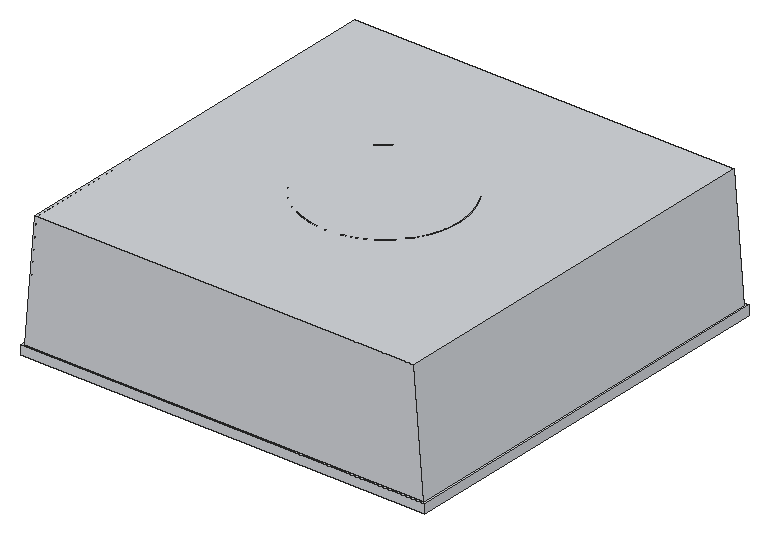
Revit family "MADEL_DIFFUSER_FIXED CONES_DCN-MOD+(BOXSTAR - BOXTARS) – (1.D1)_0", category Air Terminals, Revit 2015
Parameters (values of type "DCN-MOD/675-400+BOXSTAR/S")
  n_factor [instance] = 21.183
  m_factor = 2.2493  # constant formula
  c_factor [instance] = 10.261
  b_factor = -5.9678
  T24 [instance] = no
  T15 [instance] = no
  Standard = "UNE 23-727 M2/ NFP 92-501 M2/ DIN 4102 M2"  # constant formula
  Revit Version = "Revit 2015 - English"  # constant formula
  Review Date = "11/2016"  # constant formula
  R9010 [instance] = no
  R3E [instance] = no
  R [instance] = yes
  Q [instance] = 844.2 m³/h
  Product Type [instance] = Model  # "DCN-MOD/675-400+BOXSTAR/S"
  Product Size = "dim.400"
  Product Reference [instance] = if(BOXSTAR, if(AIS, if(Nº Options = 3, if(E = 595.0 mm, if(R3E, "DCN-MOD/600+R3E+BOXSTAR-AIS", if(R, "DCN-MOD/600+BOXSTAR-AIS-R", if(T15, "DCN-MOD/600/T15+BOXSTAR-AIS", if(T24, "DCN-MOD/600/T24+BOXSTAR-AIS", "Consult Manufacturer")))), if(E = 620.0 mm, if(R3E, "DCN-MOD/625+R3E+BOXSTAR-AIS", if(R, "DCN-MOD/625+BOXSTAR-AIS-R", if(T15, "DCN-MOD/625/T15+BOXSTAR-AIS", if(T24, "DCN-MOD/625/T24+BOXSTAR-AIS", "Consult Manufacturer")))), if(E = 670.0 mm, if(R3E, "DCN-MOD/675+R3E+BOXSTAR-AIS", if(R, "DCN-MOD/675+BOXSTAR-AIS-R", if(T15, "DCN-MOD/675/T15+BOXSTAR-AIS", if(T24, "DCN-MOD/675/T24+BOXSTAR-AIS", "Consult Manufacturer")))), "Consult Manufacturer"))), if(Nº Options = 4, if(T15, if(R3E, if(E = 595.0 mm, "DCN-MOD/600/T15+R3E+BOXSTAR-AIS", if(E = 620.0 mm, "DCN-MOD/625/T15+R3E+BOXSTAR-AIS", if(E = 670.0 mm, "DCN-MOD/675/T15+R3E+BOXSTAR-AIS", "Consult Manufacturer"))), if(R, if(E = 595.0 mm, "DCN-MOD/600/T15+BOXSTAR-AIS-R", if(E = 620.0 mm, "DCN-MOD/625/T15+BOXSTAR-AIS-R", if(E = 670.0 mm, "DCN-MOD/675/T15+BOXSTAR-AIS-R", "Consult Manufacturer"))), "Consult Manufacturer")), if(T24, if(R3E, if(E = 595.0 mm, "DCN-MOD/600/T24+R3E+BOXSTAR-AIS", if(E = 620.0 mm, "DCN-MOD/625/T24+R3E+BOXSTAR-AIS", if(E = 670.0 mm, "DCN-MOD/675/T24+R3E+BOXSTAR-AIS", "Consult Manufacturer"))), if(R, if(E = 595.0 mm, "DCN-MOD/600/T24+BOXSTAR-AIS-R", if(E = 620.0 mm, "DCN-MOD/625/T24+BOXSTAR-AIS-R", if(E = 670.0 mm, "DCN-MOD/675/T24+BOXSTAR-AIS-R", "Consult Manufacturer"))), "Consult Manufacturer")), "Consult Manufacturer")), if(Nº Options = 2, if(E = 595.0 mm, "DCN-MOD/600+BOXSTAR-AIS", if(E = 620.0 mm, "DCN-MOD/625+BOXSTAR-AIS", if(E = 670.0 mm, "DCN-MOD/675+BOXSTAR-AIS", "Consult Manufacturer"))), "Consult Manufacturer"))), if(Nº Options = 2, if(E = 595.0 mm, if(R3E, "DCN-MOD/600+R3E+BOXSTAR", if(R, "DCN-MOD/600+BOXSTAR-R", if(T15, "DCN-MOD/600/T15+BOXSTAR", if(T24, "DCN-MOD/600/T24+BOXSTAR", "Consult Manufacturer")))), if(E = 620.0 mm, if(R3E, "DCN-MOD/625+R3E+BOXSTAR", if(R, "DCN-MOD/625+BOXSTAR-R", if(T15, "DCN-MOD/625/T15+BOXSTAR", if(T24, "DCN-MOD/625/T24+BOXSTAR", "Consult Manufacturer")))), if(E = 670.0 mm, if(R3E, "DCN-MOD/675+R3E+BOXSTAR", if(R, "DCN-MOD/675+BOXSTAR-R", if(T15, "DCN-MOD/675/T15+BOXSTAR", if(T24, "DCN-MOD/675/T24+BOXSTAR", "Consult Manufacturer")))), "Consult Manufacturer"))), if(Nº Options = 3, if(T15, if(R3E, if(E = 595.0 mm, "DCN-MOD/600/T15+R3E+BOXSTAR", if(E = 620.0 mm, "DCN-MOD/625/T15+R3E+BOXSTAR", if(E = 670.0 mm, "DCN-MOD/675/T15+R3E+BOXSTAR", "Consult Manufacturer"))), if(R, if(E = 595.0 mm, "DCN-MOD/600/T15+BOXSTAR-R", if(E = 620.0 mm, "DCN-MOD/625/T15+BOXSTAR-R", if(E = 670.0 mm, "DCN-MOD/675/T15+BOXSTAR-R", "Consult Manufacturer"))), "Consult Manufacturer")), if(T24, if(R3E, if(E = 595.0 mm, "DCN-MOD/600/T24+R3E+BOXSTAR", if(E = 620.0 mm, "DCN-MOD/625/T24+R3E+BOXSTAR", if(E = 670.0 mm, "DCN-MOD/675/T24+R3E+BOXSTAR", "Consult Manufacturer"))), if(R, if(E = 595.0 mm, "DCN-MOD/600/T24+BOXSTAR-R", if(E = 620.0 mm, "DCN-MOD/625/T24+BOXSTAR-R", if(E = 670.0 mm, "DCN-MOD/675/T24+BOXSTAR-R", "Consult Manufacturer"))), "Consult Manufacturer")), "Consult Manufacturer")), if(Nº Options = 1, if(E = 595.0 mm, "DCN-MOD/600+BOXSTAR", if(E = 620.0 mm, "DCN-MOD/625+BOXSTAR", if(E = 670.0 mm, "DCN-MOD/675+BOXSTAR", "Consult Manufacturer"))), "Consult Manufacturer")))), if([BOXSTAR/S], if(AIS, if(Nº Options = 3, if(E = 595.0 mm, if(R3E, "DCN-MOD/600+R3E+BOXSTAR/S-AIS", if(R, "DCN-MOD/600+BOXSTAR/S-AIS-R", if(T15, "DCN-MOD/600/T15+BOXSTAR/S-AIS", if(T24, "DCN-MOD/600/T24+BOXSTAR/S-AIS", "Consult Manufacturer")))), if(E = 620.0 mm, if(R3E, "DCN-MOD/625+R3E+BOXSTAR/S-AIS", if(R, "DCN-MOD/625+BOXSTAR/S-AIS-R", if(T15, "DCN-MOD/625/T15+BOXSTAR/S-AIS", if(T24, "DCN-MOD/625/T24+BOXSTAR/S-AIS", "Consult Manufacturer")))), if(E = 670.0 mm, if(R3E, "DCN-MOD/675+R3E+BOXSTAR/S-AIS", if(R, "DCN-MOD/675+BOXSTAR/S-AIS-R", if(T15, "DCN-MOD/675/T15+BOXSTAR/S-AIS", if(T24, "DCN-MOD/675/T24+BOXSTAR/S-AIS", "Consult Manufacturer")))), "Consult Manufacturer"))), if(Nº Options = 4, if(T15, if(R3E, if(E = 595.0 mm, "DCN-MOD/600/T15+R3E+BOXSTAR/S-AIS", if(E = 620.0 mm, "DCN-MOD/625/T15+R3E+BOXSTAR/S-AIS", if(E = 670.0 mm, "DCN-MOD/675/T15+R3E+BOXSTAR/S-AIS", "Consult Manufacturer"))), if(R, if(E = 595.0 mm, "DCN-MOD/600/T15+BOXSTAR/S-AIS-R", if(E = 620.0 mm, "DCN-MOD/625/T15+BOXSTAR/S-AIS-R", if(E = 670.0 mm, "DCN-MOD/675/T15+BOXSTAR/S-AIS-R", "Consult Manufacturer"))), "Consult Manufacturer")), if(T24, if(R3E, if(E = 595.0 mm, "DCN-MOD/600/T24+R3E+BOXSTAR/S-AIS", if(E = 620.0 mm, "DCN-MOD/625/T24+R3E+BOXSTAR/S-AIS", if(E = 670.0 mm, "DCN-MOD/675/T24+R3E+BOXSTAR/S-AIS", "Consult Manufacturer"))), if(R, if(E = 595.0 mm, "DCN-MOD/600/T24+BOXSTAR/S-AIS-R", if(E = 620.0 mm, "DCN-MOD/625/T24+BOXSTAR/S-AIS-R", if(E = 670.0 mm, "DCN-MOD/675/T24+BOXSTAR/S-AIS-R", "Consult Manufacturer"))), "Consult Manufacturer")), "Consult Manufacturer")), if(Nº Options = 2, if(E = 595.0 mm, "DCN-MOD/600+BOXSTAR/S-AIS", if(E = 620.0 mm, "DCN-MOD/625+BOXSTAR/S-AIS", if(E = 670.0 mm, "DCN-MOD/675+BOXSTAR/S-AIS", "Consult Manufacturer"))), "Consult Manufacturer"))), if(Nº Options = 2, if(E = 595.0 mm, if(R3E, "DCN-MOD/600+R3E+BOXSTAR/S", if(R, "DCN-MOD/600+BOXSTAR/S-R", if(T15, "DCN-MOD/600/T15+BOXSTAR/S", if(T24, "DCN-MOD/600/T24+BOXSTAR/S", "Consult Manufacturer")))), if(E = 620.0 mm, if(R3E, "DCN-MOD/625+R3E+BOXSTAR/S", if(R, "DCN-MOD/625+BOXSTAR/S-R", if(T15, "DCN-MOD/625/T15+BOXSTAR/S", if(T24, "DCN-MOD/625/T24+BOXSTAR/S", "Consult Manufacturer")))), if(E = 670.0 mm, if(R3E, "DCN-MOD/675+R3E+BOXSTAR/S", if(R, "DCN-MOD/675+BOXSTAR/S-R", if(T15, "DCN-MOD/675/T15+BOXSTAR/S", if(T24, "DCN-MOD/675/T24+BOXSTAR/S", "Consult Manufacturer")))), "Consult Manufacturer"))), if(Nº Options = 3, if(T15, if(R3E, if(E = 595.0 mm, "DCN-MOD/600/T15+R3E+BOXSTAR/S", if(E = 620.0 mm, "DCN-MOD/625/T15+R3E+BOXSTAR/S", if(E = 670.0 mm, "DCN-MOD/675/T15+R3E+BOXSTAR/S", "Consult Manufacturer"))), if(R, if(E = 595.0 mm, "DCN-MOD/600/T15+BOXSTAR/S-R", if(E = 620.0 mm, "DCN-MOD/625/T15+BOXSTAR/S-R", if(E = 670.0 mm, "DCN-MOD/675/T15+BOXSTAR/S-R", "Consult Manufacturer"))), "Consult Manufacturer")), if(T24, if(R3E, if(E = 595.0 mm, "DCN-MOD/600/T24+R3E+BOXSTAR/S", if(E = 620.0 mm, "DCN-MOD/625/T24+R3E+BOXSTAR/S", if(E = 670.0 mm, "DCN-MOD/675/T24+R3E+BOXSTAR/S", "Consult Manufacturer"))), if(R, if(E = 595.0 mm, "DCN-MOD/600/T24+BOXSTAR/S-R", if(E = 620.0 mm, "DCN-MOD/625/T24+BOXSTAR/S-R", if(E = 670.0 mm, "DCN-MOD/675/T24+BOXSTAR/S-R", "Consult Manufacturer"))), "Consult Manufacturer")), "Consult Manufacturer")), if(Nº Options = 1, if(E = 595.0 mm, "DCN-MOD/600+BOXSTAR/S", if(E = 620.0 mm, "DCN-MOD/625+BOXSTAR/S", if(E = 670.0 mm, "DCN-MOD/675+BOXSTAR/S", "Consult Manufacturer"))), "Consult Manufacturer")))), "Consult Manufacturer"))  # "DCN-MOD/675+BOXSTAR/S-AIS-R"
  Plenum Connection Type [instance] = if(BOXSTAR, "Lateral", if([BOXSTAR/S], "Upper", "Without plenum box"))  # "Upper"
  Plenum Box = Plenum_BOXSTAR-BOXSTARS (1.D1) e : 675
  Vmin = 2.5 m/s  # constant formula
  Vmed = (Vmax + Vmin) / 2  # 3.35 m/s
  Vmax = 4.2 m/s
  V[m/s] [instance] = Q / Afree / 1.0 m/s  # 3.35
  URL = "http://www.madel.com/en/producto/dcn-fixed-cones-diffusers/"
  RAL [instance] = ""
  Nº Plenum Connections = 1  # constant formula
  Nº Options [instance] = if(AIS, 1, 0) + if(R, 1, 0) + if([BOXSTAR/S], 1, 0) + if(BOXSTAR, 1, 0) + if(R3E, 1, 0) + if(T15, 1, 0) + if(T24, 1, 0)  # 3
  Nº Finishes [instance] = if(M9016, 1, 0) + if(R9010, 1, 0)  # 1
  Model = "DCN-MOD/675-400+BOXSTAR/S"
  Material and finishes [instance] = if(and(M9016, Nº Finishes = 1), "M9016", if(and(R9010, Nº Finishes = 1), "R9010", if(Nº Finishes = 0, "Custom RAL", "Consult Manufacturer")))  # "M9016"
  Material Plenum Box = none
  Material Difusser = MADEL_M9016
  Material Ceiling Tile = none
  M9016 [instance] = yes
  Type Image = <None>
  Lw (dB(A)) [instance] = n_factor * (log([V[m/s]]) / log(2.7183)) + c_factor  # 35.8704
  IfcExportType = "IfcAirTerminalType"  # constant formula
  IfcExportAs = "IfcAirTerminalType"  # constant formula
  Min Flow = Vmin * Afree  # 630 m³/h
  Max Flow = Vmax * Afree  # 1058.4 m³/h
  Manufacturer = "MADEL"  # constant formula
  Family Version = "1.0"  # constant formula
  E = 670.0 mm
  Difusser = MADEL_DIFUSOR_CIRCULAR_DCN-CONOS : DCN-400
  Description = "MADEL_Fixed cones diffusers"  # constant formula
  D_Connector = 250.0 mm
  DPt [instance] = (10 ^ (log(Q / 1 m³/h) * m_factor + b_factor)) * 1.0 Pa  # 4.11692 Pa
  D2 = 499.6 mm
  D1 = D_Connector - 2.0 mm  # 248.0 mm
  Type Comments = "The DCN series diffusers are designed to be used in air-conditioning, ventilation and heating. They can be mounted in false ceilings or suspended from the ceiling. Its circular shape assures a uniform air pattern in all directions, which provides a high level of induction rate of the air in the atmosphere. They can be used in premises up to 4 meters high and with a temperature differential up to 12º, obtaining good results, not only in air speed but also in sound pressure level in the comfort zone."  # constant formula
  Created by = "BIMETRICAL"  # constant formula
  BOXSTAR/S = if(not(BOXSTAR), 1 = 1, 1 = 0)  # yes
  BOXSTAR = no
  BIMETRICAL Category = "AirTerminal"  # constant formula
  BIMETRICAL = "http://www.bimetrical.com"  # constant formula
  B = 15.0 mm
  Afree = 0.0700 m²
  AIS [instance] = yes
Reference planes
  plane 1 "Centro (Frontal/Posterior)": z = 0
  plane 2: y = 352.248
  plane 3 "Centro (Izquierda/Derecha)": x = 0
  plane 4: x = -335
  plane 5: x = 335
  plane 6: y = 687.248
  plane 7: y = 17.248
  plane 8: z = 15
Forms (mm)
  Extrusion 1, solid, material <- "Material Ceiling Tile"
    sketch origin (0, 0, 0) x (1, 0, 0) y (0, 1, 0)
      loop
        line (-335, 687.248) -> (-335, 17.248) -> (335, 17.248) -> (335, 687.248) -> (-335, 687.248)
      loop
        circle (0, 352.248) r 249.8
    from 0 to 15
Lines and regions (mm)
  symbolic lines
    curve 1: line (-335, 687.248, 0) -> (335, 687.248, 0)
    curve 2: line (-335, 17.248, 0) -> (-335, 687.248, 0)
    curve 3: line (335, 17.248, 0) -> (-335, 17.248, 0)
    curve 4: line (335, 687.248, 0) -> (335, 17.248, 0)
Dimensions and locks
  equal spacing: plane 4, plane 3 "Centro (Izquierda/Derecha)", plane 5
  "E": plane 4 to plane 5
  equal spacing: plane 6, plane 2, plane 7
  "E": plane 6 to plane 7
  "B": plane 8 to plane 1 "Centro (Frontal/Posterior)"
  "D2": diameter of Extrusion 1 sketch curve
  aligned and locked: plane 2 to nested 1
  aligned and locked: plane 3 "Centro (Izquierda/Derecha)" to nested 1
  aligned and locked: plane 1 "Centro (Frontal/Posterior)" to nested 1
  aligned and locked: Extrusion 1 sketch curve to plane 6
  aligned and locked: plane 4 to Extrusion 1 sketch curve
  aligned and locked: plane 7 to Extrusion 1 sketch curve
  aligned and locked: Extrusion 1 sketch curve to plane 5
  aligned and locked: plane 7 to curve 3
  aligned and locked: curve 4 to plane 5
  aligned and locked: curve 1 to plane 6
  aligned and locked: plane 4 to curve 2
  aligned and locked: plane 8 to Extrusion 1
  aligned and locked: plane 1 "Centro (Frontal/Posterior)" to Extrusion 1
  aligned and locked: plane 3 "Centro (Izquierda/Derecha)" to nested 2
  aligned and locked: plane 2 to nested 2
  aligned and locked: nested 2 to plane 8
Automatic sketch dimensions
  plane 2 to Extrusion 1 sketch curve = 0.0 mm
  Extrusion 1 sketch curve to plane 3 "Centro (Izquierda/Derecha)" = 0.0 mm
Nested families
  nested 1: "MADEL_DIFUSOR_CIRCULAR_DCN-CONOS" at (0, 352.248, 0), type <- "Difusser", type "DCN-400"
  nested 2: "Plenum_BOXSTAR-BOXSTARS (1.D1) e" at (0, 352.248, 15), type <- "Plenum Box", BOXSTAR <- "BOXSTAR", type "675"
    with Versión Revit "Revit 2015-Español", Versión Familia "1.0", H 1.0 mm, Fecha de Revisión "07/2016", Creado por "BIMETRICAL", BOXSTAR/S yes, BOXSTAR no, BIMETRICAL category "AirTerminalBox", BIMETRICAL "http://www.bimetrical.com", B1 196.0 mm, B 197.0 mm, An 90.00°
Connectors
  hvac at (0, 352.248, 212), driven by "DPt", driven by "Q", driven by "D_Connector"
    settings: on nested 2, index 1, duct flow 844.2 m³/h, flow factor 0, pres drop 4.11692 Pa, loss coef 0, conn angle 0.00°, conn width 304.8 mm, conn height 304.8 mm, conn diameter 250 mm, duct sys type 1, conn prof type 0, flow config 1, flow direction 1, loss method 4, conn ref index -1, conn util no, is conn primary yes, conn desc ""
Definition of nested family "MADEL_DIFUSOR_CIRCULAR_DCN-CONOS"
  Parameters (values of type "DCN-400")
    V400 = yes
    V355 = yes
    V315 = yes
    V250 = yes
    V200 = yes
    V160 = yes
    Material Difusor = none
    Cono Interior = DCN_INT : DCN_INT
    Cono Exterior = DCN_EXT_400 : DCN_EXT_400
  Types (7, lengths in mm): name | V400 | V355 | V315 | V250 | V200 | Cono Exterior
    (no name) | yes | yes | yes | yes | yes | DCN_EXT_400 : DCN_EXT_400
    DCN-160 | no | no | no | no | no | DCN_EXT_160 : DCN_EXT_160
    DCN-200 | no | no | no | no | yes | DCN_EXT_200 : DCN_EXT_200
    DCN-250 | no | no | no | yes | yes | DCN_EXT_250 : DCN_EXT_250
    DCN-315 | no | no | yes | yes | yes | DCN_EXT_315 : DCN_EXT_315
    DCN-355 | no | yes | yes | yes | yes | DCN_EXT_355 : DCN_EXT_355
    DCN-400 | yes | yes | yes | yes | yes | DCN_EXT_400 : DCN_EXT_400
  Reference planes
    plane 1 "Centro (Frontal/Posterior)": y = 0
    plane 2: z = 0
    plane 3 "Centro (Izquierda/Derecha)": x = 0
  Dimensions and locks
    aligned and locked: level to plane 2
  Nested families
    nested 1: "DCN_EXT_400" at (0, 0, 0), type <- "Cono Exterior", type "DCN_EXT_400"
    nested 2: "DCN_INT" at (0, 0, 0), type "DCN_INT"
    nested 3: "DCN_MED_160" at (0, 0, 0), visible <- "V160", type "DCN_MED_160"
    nested 4: "DCN_MED_200" at (0, 0, 0), visible <- "V200", type "DCN_MED_200"
    nested 5: "DCN_MED_250" at (0, 0, 0), visible <- "V250", type "DCN_MED_250"
    nested 6: "DCN_MED_315" at (0, 0, 0), visible <- "V315", type "DCN_MED_315"
    nested 7: "DCN_MED_355" at (0, 0, 0), visible <- "V355", type "DCN_MED_355"
    nested 8: "DCN_MED_400" at (0, 0, 0), visible <- "V400", type "DCN_MED_400"
  Definition of nested family "DCN_EXT_400"
    Parameters (values of type "DCN_EXT_400")
      Ø int = Ø ext - 50.0 mm  # 449.6 mm
      Ø ext = 499.6 mm
      Material Difusor = none
    Reference planes
      plane 1 "Centro (Frontal/Posterior)": y = 0
      plane 2: z = 0
      plane 3 "Centro (Izquierda/Derecha)": x = 0
    Forms (mm)
      Revolve 1, solid, material <- "Material Difusor", detail levels medium+fine
        sketch origin (0, 0, 0) x (1, 0, 0) y (0, 0, 1)
          loop
            arc (-226.157, 5.05) -> (-226.693, 4.693) -> (-226.9, 4.083) r 1
            line (-226.9, 4.083) -> (-226.9, 1.2) -> (-247.3, 1.2)
            arc (-247.3, 1.2) -> (-248.198, 3.44) -> (-246.001, 2.441) r 1.3
            line (-246.001, 2.441) -> (-244.803, 2.386)
            arc (-244.803, 2.386) -> (-249.027, 4.308) -> (-247.3, 0) r 2.5
            line (-247.3, 0) -> (-226.8, 0)
            arc (-226.8, 0) -> (-226.093, 0.293) -> (-225.8, 1) r 1
            line (-225.8, 1) -> (-225.8, 4.006)
            arc (-225.8, 4.006) -> (-203.104, 19.164) -> (-194.33, 45.006) r 42.443
            line (-194.33, 45.006) -> (-195.43, 45.006)
            arc (-195.43, 45.006) -> (-204, 19.804) -> (-226.157, 5.05) r 41.343
          axis (0, 45.006) -> (0, 0)
        angle from 0 to 360
      Revolve 2, solid, material <- "Material Difusor", detail levels coarse
        sketch origin (0, 0, 0) x (1, 0, 0) y (0, 0, 1)
          loop
            line (0, 45.006) -> (-195.43, 45.006)
            arc (-195.43, 45.006) -> (-204, 19.804) -> (-226.157, 5.05) r 41.343
            arc (-226.157, 5.05) -> (-226.693, 4.693) -> (-226.9, 4.083) r 1
            line (-226.9, 4.083) -> (-226.9, 1.2) -> (-247.3, 1.2)
            arc (-247.3, 1.2) -> (-248.198, 3.44) -> (-246.001, 2.441) r 1.3
            line (-246.001, 2.441) -> (-244.803, 2.386)
            arc (-244.803, 2.386) -> (-249.027, 4.308) -> (-247.3, 0) r 2.5
            line (-247.3, 0) -> (0, 0) -> (0, 45.006)
          axis (0, 45.006) -> (0, 0)
        angle from 0 to 360
    Lines and regions (mm)
      symbolic lines
        curve 1: circle (0, 0, 0) r 249.8 normal (0, 0, 1)
        curve 2: circle (0, 0, 0) r 224.8 normal (0, 0, 1)
    Dimensions and locks
      "Ø ext": diameter of curve 1
      "Ø int": diameter of curve 2
      aligned and locked: level to plane 2
    Automatic sketch dimensions
      Revolve 2 sketch curve to Revolve 2 sketch curve = 0.0 mm  (x2)
      Revolve 2 sketch curve to plane 3 "Centro (Izquierda/Derecha)" = 0.0 mm  (x2)
      Revolve 2 sketch curve to level = 0.0 mm
      Revolve 2 sketch curve to Revolve 2 sketch curve = 1.0 mm
      level to Revolve 2 sketch curve = 2.386 mm
      Revolve 2 sketch curve to Revolve 2 sketch curve = 17.903 mm
      level to Revolve 2 sketch curve = 2.441 mm
      Revolve 2 sketch curve to Revolve 2 sketch curve = 1.199 mm
      Revolve 2 sketch curve to Revolve 2 sketch curve = 1.299 mm
      level to Revolve 2 sketch curve = 45.006 mm
      Revolve 2 sketch curve to level = 366.045 mm
      Revolve 2 sketch curve to Revolve 2 sketch curve = 2169.309 mm
      Revolve 2 sketch curve to Revolve 2 sketch curve = 195.43 mm
      Revolve 2 sketch curve to Revolve 2 sketch curve = 41.343 mm
      Revolve 2 sketch curve to Revolve 2 sketch curve = 8.03 mm
      Revolve 2 sketch curve to Revolve 2 sketch curve = 2.883 mm
      Revolve 1 sketch curve to Revolve 1 sketch curve = 0.0 mm  (x3)
      Revolve 1 sketch curve to level = 0.0 mm
      Revolve 1 sketch curve to plane 3 "Centro (Izquierda/Derecha)" = 0.0 mm
      level to Revolve 1 sketch curve = 45.006 mm
      Revolve 1 sketch curve to plane 3 "Centro (Izquierda/Derecha)" = 194.33 mm
      Revolve 1 sketch curve to Revolve 1 sketch curve = 1.1 mm
      level to Revolve 1 sketch curve = 1.0 mm
      Revolve 1 sketch curve to Revolve 1 sketch curve = 30.37 mm
      Revolve 1 sketch curve to Revolve 1 sketch curve = 0.1 mm  (x2)
      Revolve 1 sketch curve to Revolve 1 sketch curve = 41.343 mm
      level to Revolve 1 sketch curve = 2.386 mm
      Revolve 1 sketch curve to Revolve 1 sketch curve = 17.903 mm
      level to Revolve 1 sketch curve = 2.441 mm
      Revolve 1 sketch curve to Revolve 1 sketch curve = 1.199 mm
      Revolve 1 sketch curve to Revolve 1 sketch curve = 1.299 mm
      Revolve 1 sketch curve to Revolve 1 sketch curve = 0.077 mm
      Revolve 1 sketch curve to level = 366.045 mm
      Revolve 1 sketch curve to Revolve 1 sketch curve = 2169.309 mm
      curve 1 to curve 2 = 0.0 mm  (x2)
      plane 1 "Centro (Frontal/Posterior)" to curve 2 = 0.0 mm
      curve 2 to plane 3 "Centro (Izquierda/Derecha)" = 0.0 mm
  Definition of nested family "DCN_INT"
    Parameters (values of type "DCN_INT")
      Ø ext = 87.5 mm
      Material Difusor = none
    Reference planes
      plane 1 "Centro (Frontal/Posterior)": y = 0
      plane 2: z = 0
      plane 3 "Centro (Izquierda/Derecha)": x = 0
    Forms (mm)
      Revolve 1, solid, material <- "Material Difusor", detail levels medium+fine
        sketch origin (0, 0, 0) x (1, 0, 0) y (0, 0, 1)
          loop
            arc (-41.858, 0) -> (-23.06, 11.988) -> (-13.315, 32.04) r 41
            arc (-13.315, 32.04) -> (-12.458, 33.517) -> (-10.854, 34.1) r 2.5
            line (-10.854, 34.1) -> (-3.95, 34.1) -> (-3.95, 35.2) -> (-10.854, 35.2)
            arc (-10.854, 35.2) -> (-13.164, 34.361) -> (-14.398, 32.234) r 3.6
            arc (-14.398, 32.234) -> (-24.04, 12.543) -> (-42.631, 0.919) r 39.9
            line (-42.631, 0.919) -> (-41.858, 0)
          axis (0, 35.2) -> (0, 0)
        angle from 0 to 360
    Lines and regions (mm)
      symbolic lines
        curve 1: circle (0, 0, 0) r 43.75 normal (0, 0, 1)
    Dimensions and locks
      "Ø ext": diameter of curve 1
      aligned and locked: level to plane 2
    Automatic sketch dimensions
      Revolve 1 sketch curve to plane 3 "Centro (Izquierda/Derecha)" = 0.0 mm
      Revolve 1 sketch curve to level = 366.045 mm
      level to Revolve 1 sketch curve = 2214.315 mm
      Revolve 1 sketch curve to Revolve 1 sketch curve = 0.0 mm  (x4)
      level to Revolve 1 sketch curve = 0.919 mm
      Revolve 1 sketch curve to Revolve 1 sketch curve = 11.043 mm
      level to Revolve 1 sketch curve = 0.0 mm
      Revolve 1 sketch curve to Revolve 1 sketch curve = 0.772 mm
      Revolve 1 sketch curve to Revolve 1 sketch curve = 42.82 mm
      Revolve 1 sketch curve to Revolve 1 sketch curve = 6.904 mm
      Revolve 1 sketch curve to Revolve 1 sketch curve = 30.681 mm
      Revolve 1 sketch curve to Revolve 1 sketch curve = 2.5 mm
      Revolve 1 sketch curve to Revolve 1 sketch curve = 1.1 mm
      Revolve 1 sketch curve to Revolve 1 sketch curve = 38.341 mm
      Revolve 1 sketch curve to plane 3 "Centro (Izquierda/Derecha)" = 53.674 mm
      plane 1 "Centro (Frontal/Posterior)" to curve 1 = 0.0 mm
      curve 1 to plane 3 "Centro (Izquierda/Derecha)" = 0.0 mm
  Definition of nested family "DCN_MED_160"
    Parameters (values of type "DCN_MED_160")
      Ø ext = 141.0 mm
      Material Difusor = none
    Reference planes
      plane 1 "Centro (Frontal/Posterior)": y = 0
      plane 2: z = 0
      plane 3 "Centro (Izquierda/Derecha)": x = 0
    Forms (mm)
      Revolve 1, solid, material <- "Material Difusor", detail levels medium+fine
        sketch origin (0, 0, 0) x (1, 0, 0) y (0, 0, 1)
          loop
            line (-70.5, 1.027) -> (-70.106, 0)
            arc (-70.106, 0) -> (-52.728, 13.682) -> (-46.154, 34.8) r 37.3
            line (-46.154, 34.8) -> (-47.254, 34.801)
            arc (-47.254, 34.801) -> (-53.635, 14.306) -> (-70.5, 1.027) r 36.2
          axis (0, 34.801) -> (0, 0)
        angle from 0 to 360
    Lines and regions (mm)
      symbolic lines
        curve 1: circle (0, 0, 0) r 70.5 normal (0, 0, 1)
    Dimensions and locks
      "Ø ext": diameter of curve 1
      aligned and locked: level to plane 2
    Automatic sketch dimensions
      Revolve 1 sketch curve to Revolve 1 sketch curve = 0.0 mm  (x2)
      Revolve 1 sketch curve to level = 0.0 mm
      Revolve 1 sketch curve to plane 3 "Centro (Izquierda/Derecha)" = 0.0 mm
      Revolve 1 sketch curve to plane 3 "Centro (Izquierda/Derecha)" = 46.154 mm
      Revolve 1 sketch curve to Revolve 1 sketch curve = 1.1 mm
      Revolve 1 sketch curve to Revolve 1 sketch curve = 22.853 mm
      level to Revolve 1 sketch curve = 1.027 mm
      Revolve 1 sketch curve to Revolve 1 sketch curve = 0.394 mm
      level to Revolve 1 sketch curve = 34.83 mm
      Revolve 1 sketch curve to Revolve 1 sketch curve = 12.954 mm
      Revolve 1 sketch curve to level = 366.045 mm
      Revolve 1 sketch curve to Revolve 1 sketch curve = 2179.515 mm
      plane 1 "Centro (Frontal/Posterior)" to curve 1 = 0.0 mm
      curve 1 to plane 3 "Centro (Izquierda/Derecha)" = 0.0 mm
  Definition of nested family "DCN_MED_200"
    Parameters (values of type "DCN_MED_200")
      Ø ext = 194.0 mm
      Material Difusor = none
    Reference planes
      plane 1 "Centro (Frontal/Posterior)": y = 0
      plane 2: z = 0
      plane 3 "Centro (Izquierda/Derecha)": x = 0
    Forms (mm)
      Revolve 1, solid, material <- "Material Difusor", detail levels medium+fine
        sketch origin (0, 0, 0) x (1, 0, 0) y (0, 0, 1)
          loop
            line (-97, 1.027) -> (-96.606, 0)
            arc (-96.606, 0) -> (-79.228, 13.682) -> (-72.654, 34.8) r 37.3
            line (-72.654, 34.8) -> (-73.754, 34.801)
            arc (-73.754, 34.801) -> (-80.135, 14.306) -> (-97, 1.027) r 36.2
          axis (0, 34.801) -> (0, 0)
        angle from 0 to 360
    Lines and regions (mm)
      symbolic lines
        curve 1: circle (0, 0, 0) r 97 normal (0, 0, 1)
    Dimensions and locks
      "Ø ext": diameter of curve 1
      aligned and locked: level to plane 2
    Automatic sketch dimensions
      Revolve 1 sketch curve to Revolve 1 sketch curve = 0.0 mm  (x2)
      Revolve 1 sketch curve to level = 0.0 mm
      Revolve 1 sketch curve to plane 3 "Centro (Izquierda/Derecha)" = 0.0 mm
      Revolve 1 sketch curve to plane 3 "Centro (Izquierda/Derecha)" = 72.654 mm
      Revolve 1 sketch curve to Revolve 1 sketch curve = 1.1 mm
      Revolve 1 sketch curve to Revolve 1 sketch curve = 22.853 mm
      level to Revolve 1 sketch curve = 1.027 mm
      Revolve 1 sketch curve to Revolve 1 sketch curve = 0.394 mm
      level to Revolve 1 sketch curve = 34.83 mm
      Revolve 1 sketch curve to Revolve 1 sketch curve = 12.954 mm
      Revolve 1 sketch curve to level = 366.045 mm
      Revolve 1 sketch curve to Revolve 1 sketch curve = 2179.515 mm
      plane 1 "Centro (Frontal/Posterior)" to curve 1 = 0.0 mm
      curve 1 to plane 3 "Centro (Izquierda/Derecha)" = 0.0 mm
  Definition of nested family "DCN_MED_250"
    Parameters (values of type "DCN_MED_250")
      Ø ext = 248.0 mm
      Material Difusor = none
    Reference planes
      plane 1 "Centro (Frontal/Posterior)": y = 0
      plane 2: z = 0
      plane 3 "Centro (Izquierda/Derecha)": x = 0
    Forms (mm)
      Revolve 1, solid, material <- "Material Difusor", detail levels medium+fine
        sketch origin (0, 0, 0) x (1, 0, 0) y (0, 0, 1)
          loop
            line (-124, 1.027) -> (-123.606, 0)
            arc (-123.606, 0) -> (-106.228, 13.682) -> (-99.654, 34.8) r 37.3
            line (-99.654, 34.8) -> (-100.754, 34.801)
            arc (-100.754, 34.801) -> (-107.135, 14.306) -> (-124, 1.027) r 36.2
          axis (0, 34.801) -> (0, 0)
        angle from 0 to 360
    Lines and regions (mm)
      symbolic lines
        curve 1: circle (0, 0, 0) r 124 normal (0, 0, 1)
    Dimensions and locks
      "Ø ext": diameter of curve 1
      aligned and locked: level to plane 2
    Automatic sketch dimensions
      Revolve 1 sketch curve to Revolve 1 sketch curve = 0.0 mm  (x2)
      Revolve 1 sketch curve to level = 0.0 mm
      Revolve 1 sketch curve to plane 3 "Centro (Izquierda/Derecha)" = 0.0 mm
      level to Revolve 1 sketch curve = 34.8 mm
      Revolve 1 sketch curve to plane 3 "Centro (Izquierda/Derecha)" = 99.654 mm
      Revolve 1 sketch curve to Revolve 1 sketch curve = 1.1 mm
      Revolve 1 sketch curve to Revolve 1 sketch curve = 22.853 mm
      level to Revolve 1 sketch curve = 1.027 mm
      level to Revolve 1 sketch curve = 34.83 mm
      Revolve 1 sketch curve to level = 366.045 mm
      Revolve 1 sketch curve to Revolve 1 sketch curve = 0.394 mm
      Revolve 1 sketch curve to Revolve 1 sketch curve = 2179.515 mm
      plane 1 "Centro (Frontal/Posterior)" to curve 1 = 0.0 mm
      curve 1 to plane 3 "Centro (Izquierda/Derecha)" = 0.0 mm
  Definition of nested family "DCN_MED_315"
    Parameters (values of type "DCN_MED_315")
      Ø ext = 299.0 mm
      Material Difusor = none
    Reference planes
      plane 1 "Centro (Frontal/Posterior)": y = 0
      plane 2: z = 0
      plane 3 "Centro (Izquierda/Derecha)": x = 0
    Forms (mm)
      Revolve 1, solid, material <- "Material Difusor", detail levels medium+fine
        sketch origin (0, 0, 0) x (1, 0, 0) y (0, 0, 1)
          loop
            line (-149.5, 1.027) -> (-149.106, 0)
            arc (-149.106, 0) -> (-131.728, 13.682) -> (-125.154, 34.8) r 37.3
            line (-125.154, 34.8) -> (-126.254, 34.801)
            arc (-126.254, 34.801) -> (-132.635, 14.306) -> (-149.5, 1.027) r 36.2
          axis (0, 34.801) -> (0, 0)
        angle from 0 to 360
    Lines and regions (mm)
      symbolic lines
        curve 1: circle (0, 0, 0) r 149.5 normal (0, 0, 1)
    Dimensions and locks
      "Ø ext": diameter of curve 1
      aligned and locked: level to plane 2
    Automatic sketch dimensions
      Revolve 1 sketch curve to Revolve 1 sketch curve = 0.0 mm  (x2)
      Revolve 1 sketch curve to level = 0.0 mm
      Revolve 1 sketch curve to plane 3 "Centro (Izquierda/Derecha)" = 0.0 mm
      level to Revolve 1 sketch curve = 34.8 mm
      Revolve 1 sketch curve to plane 3 "Centro (Izquierda/Derecha)" = 125.154 mm
      Revolve 1 sketch curve to Revolve 1 sketch curve = 1.1 mm
      Revolve 1 sketch curve to Revolve 1 sketch curve = 22.853 mm
      level to Revolve 1 sketch curve = 1.027 mm
      level to Revolve 1 sketch curve = 34.83 mm
      Revolve 1 sketch curve to Revolve 1 sketch curve = 0.394 mm
      Revolve 1 sketch curve to level = 366.045 mm
      Revolve 1 sketch curve to Revolve 1 sketch curve = 2179.515 mm
      plane 1 "Centro (Frontal/Posterior)" to curve 1 = 0.0 mm
      curve 1 to plane 3 "Centro (Izquierda/Derecha)" = 0.0 mm
  Definition of nested family "DCN_MED_355"
    Parameters (values of type "DCN_MED_355")
      Ø ext = 349.0 mm
      Material Difusor = none
    Reference planes
      plane 1 "Centro (Frontal/Posterior)": y = 0
      plane 2: z = 0
      plane 3 "Centro (Izquierda/Derecha)": x = 0
    Forms (mm)
      Revolve 1, solid, material <- "Material Difusor", detail levels medium+fine
        sketch origin (0, 0, 0) x (1, 0, 0) y (0, 0, 1)
          loop
            line (-174.5, 1.027) -> (-174.106, 0)
            arc (-174.106, 0) -> (-156.728, 13.682) -> (-150.154, 34.8) r 37.3
            line (-150.154, 34.8) -> (-151.254, 34.801)
            arc (-151.254, 34.801) -> (-157.635, 14.306) -> (-174.5, 1.027) r 36.2
          axis (0, 34.801) -> (0, 0)
        angle from 0 to 360
    Lines and regions (mm)
      symbolic lines
        curve 1: circle (0, 0, 0) r 174.5 normal (0, 0, 1)
    Dimensions and locks
      "Ø ext": diameter of curve 1
      aligned and locked: level to plane 2
    Automatic sketch dimensions
      Revolve 1 sketch curve to Revolve 1 sketch curve = 0.0 mm  (x4)
      Revolve 1 sketch curve to level = 0.0 mm
      Revolve 1 sketch curve to plane 3 "Centro (Izquierda/Derecha)" = 0.0 mm
      level to Revolve 1 sketch curve = 34.8 mm
      Revolve 1 sketch curve to plane 3 "Centro (Izquierda/Derecha)" = 150.154 mm
      Revolve 1 sketch curve to Revolve 1 sketch curve = 1.1 mm
      Revolve 1 sketch curve to Revolve 1 sketch curve = 22.853 mm
      level to Revolve 1 sketch curve = 1.027 mm
      Revolve 1 sketch curve to level = 366.045 mm
      Revolve 1 sketch curve to Revolve 1 sketch curve = 0.394 mm
      level to Revolve 1 sketch curve = 34.83 mm
      Revolve 1 sketch curve to Revolve 1 sketch curve = 2179.515 mm
      plane 1 "Centro (Frontal/Posterior)" to curve 1 = 0.0 mm
      curve 1 to plane 3 "Centro (Izquierda/Derecha)" = 0.0 mm
  Definition of nested family "DCN_MED_400"
    Parameters (values of type "DCN_MED_400")
      Ø ext = 400.0 mm
      Material Difusor = none
    Reference planes
      plane 1 "Centro (Frontal/Posterior)": y = 0
      plane 2: z = 0
      plane 3 "Centro (Izquierda/Derecha)": x = 0
    Forms (mm)
      Revolve 1, solid, material <- "Material Difusor", detail levels medium+fine
        sketch origin (0, 0, 0) x (1, 0, 0) y (0, 0, 1)
          loop
            line (-200, 1.027) -> (-199.606, 0)
            arc (-199.606, 0) -> (-182.228, 13.682) -> (-175.654, 34.8) r 37.3
            line (-175.654, 34.8) -> (-176.754, 34.801)
            arc (-176.754, 34.801) -> (-183.135, 14.306) -> (-200, 1.027) r 36.2
          axis (0, 34.801) -> (0, 0)
        angle from 0 to 360
    Lines and regions (mm)
      symbolic lines
        curve 1: circle (0, 0, 0) r 200 normal (0, 0, 1)
    Dimensions and locks
      "Ø ext": diameter of curve 1
      aligned and locked: level to plane 2
    Automatic sketch dimensions
      Revolve 1 sketch curve to Revolve 1 sketch curve = 0.0 mm  (x2)
      Revolve 1 sketch curve to level = 0.0 mm
      Revolve 1 sketch curve to plane 3 "Centro (Izquierda/Derecha)" = 0.0 mm
      level to Revolve 1 sketch curve = 34.8 mm
      Revolve 1 sketch curve to plane 3 "Centro (Izquierda/Derecha)" = 175.654 mm
      Revolve 1 sketch curve to Revolve 1 sketch curve = 1.1 mm
      Revolve 1 sketch curve to Revolve 1 sketch curve = 22.853 mm
      level to Revolve 1 sketch curve = 1.027 mm
      level to Revolve 1 sketch curve = 34.83 mm
      Revolve 1 sketch curve to Revolve 1 sketch curve = 0.394 mm
      Revolve 1 sketch curve to level = 366.045 mm
      Revolve 1 sketch curve to Revolve 1 sketch curve = 2179.515 mm
      plane 1 "Centro (Frontal/Posterior)" to curve 1 = 0.0 mm
      curve 1 to plane 3 "Centro (Izquierda/Derecha)" = 0.0 mm
Definition of nested family "Plenum_BOXSTAR-BOXSTARS (1.D1) e"
  Parameters (values of type "400")
    Versión Revit [instance] = "Revit 2015-Español"  # constant formula
    Versión Familia [instance] = "1.0"  # constant formula
    URL = "http://www.madel.com/product-category/difusion/accesorios/"
    Nº Conexiones = 1  # constant formula
    Model = "BOXSTAR -BOXSTAR/S"  # constant formula
    Material Plenum = none
    H [instance] = if(and(BOXSTAR, A = 287.5 mm), 175.0 mm, if(and(BOXSTAR, A = 300.5 mm), 175.0 mm, if(and(BOXSTAR, A = 387.5 mm), 175.0 mm, if(and(BOXSTAR, A = 487.5 mm), 175.0 mm, if(and(BOXSTAR, A = 587.5 mm), 200.0 mm, if(and(BOXSTAR, A = 612.5 mm), 200.0 mm, if(and(BOXSTAR, A = 662.5 mm), 200.0 mm, if(and(BOXSTAR, A = 787.5 mm), 200.0 mm, if(and(BOXSTAR, A = 812.5 mm), 250.0 mm, 1.0 mm)))))))))  # 175.0 mm
    D1 = D_Conector - 2.0 mm  # 198.0 mm
    BOXSTAR/S [instance] = if(not(BOXSTAR), 1 = 1, 1 = 0)  # no
    BOXSTAR [instance] = yes
    B1 [instance] = if(BOXSTAR, A / 2, B - H)  # 193.75 mm
    IfcExportType = "IfcAirTerminalBoxType"  # constant formula
    IfcExportAs = "IfcAirTerminalBoxType"  # constant formula
    Fecha de Revisión [instance] = "07/2016"  # constant formula
    Manufacturer = "MADEL"  # constant formula
    Description = "Plenum de conexión latera/superiorl"  # constant formula
    D_Conector = 200.0 mm
    Creado por [instance] = "BIMETRICAL"  # constant formula
    Type Comments = "Plenum piramidal apilable con conexión circular lateral/superior. Construido en acero galvanizado."  # constant formula
    BIMETRICAL category [instance] = "AirTerminalBox"  # constant formula
    BIMETRICAL [instance] = "http://www.bimetrical.com"  # constant formula
    B [instance] = if(BOXSTAR, if(A = 287.5 mm, 250.0 mm, if(A = 300.5 mm, 250.0 mm, if(A = 387.5 mm, 300.0 mm, if(A = 487.5 mm, 300.0 mm, if(A = 587.5 mm, 350.0 mm, if(A = 612.5 mm, 350.0 mm, if(A = 662.5 mm, 350.0 mm, if(A = 787.5 mm, 415.0 mm, if(A = 812.5 mm, 415.0 mm, 1.0 mm))))))))), if([BOXSTAR/S], 197.0 mm, 1.0 mm))  # 300.0 mm
    An [instance] = if(BOXSTAR, 180.00°, 90.00°)  # 180.00°
    A = 387.5 mm
  Types (9, lengths in mm): name | H | D1 | BOXSTAR/S | BOXSTAR | B1 | D_Conector | B | An | A
    600 | 200.0 | 248.0 | no | yes | 293.75 | 250.0 | 350.0 | 180.00° | 587.5
    800 | 200.0 | 313.0 | no | yes | 393.75 | 315.0 | 415.0 | 180.00° | 787.5
    500 | 175.0 | 198.0 | no | yes | 243.75 | 200.0 | 300.0 | 180.00° | 487.5
    400 | 175.0 | 198.0 | no | yes | 193.75 | 200.0 | 300.0 | 180.00° | 387.5
    300 | 1.0 | 123.0 | yes | no | 196.0 | 125.0 | 197.0 | 90.00° | 287.5
    310 | 175.0 | 123.0 | no | yes | 150.25 | 125.0 | 250.0 | 180.00° | 300.5
    625 | 200.0 | 248.0 | no | yes | 306.25 | 250.0 | 350.0 | 180.00° | 612.5
    675 | 200.0 | 248.0 | no | yes | 331.25 | 250.0 | 350.0 | 180.00° | 662.5
    825 | 250.0 | 313.0 | no | yes | 406.25 | 315.0 | 415.0 | 180.00° | 812.5
  Reference planes
    plane 1 "Centro (Frontal/Posterior)": y = 0
    plane 2: z = 0
    plane 3 "Centro (Izquierda/Derecha)": x = 0
    plane 4: y = 193.75
    plane 5: y = -193.75
    plane 6: z = 175
    plane 7: x = 193.75
    plane 8: x = -193.75
    plane 9: z = 300
    plane 10: z = 298
    plane 11: z = 2
    plane 12: y = -191.75
    plane 13: y = 191.75
  Forms (mm)
    Extrusion 1, solid, material <- "Material Plenum"
      sketch origin (0, 0, 263.347) x (-1, 0, 0) y (0, 0, -1)
        loop
          line (193.75, 263.347) -> (-193.75, 263.347) -> (-167.503, -36.653) -> (167.503, -36.653) -> (193.75, 263.347)
      from -193.75 to 193.75
    Extrusion 2, solid, material <- "Material Plenum"
      sketch origin (0, 193.75, 175) x (1, 0, 0) y (0, 0, -1)
        loop
          circle (0, 0) r 100
      from -1 to 0
    Extrusion 3, void
      sketch origin (0, 0, 263.347) x (-1, 0, 0) y (0, 0, -1)
        loop
          line (165.671, -34.653) -> (191.742, 263.347) -> (-191.742, 263.347) -> (-165.671, -34.653) -> (165.671, -34.653)
      from -191.75 to 191.75
  Cuts and joins
    Extrusion 3 cuts Extrusion 1
  Lines and regions (mm)
    reference lines
      curve 1: line (0, 0, 175) -> (0, 193.75, 175)
  Dimensions and locks
    equal spacing: plane 5, plane 1 "Centro (Frontal/Posterior)", plane 4
    "A": plane 5 to plane 4
    "A": plane 7 to plane 8
    "B": plane 9 to plane 2
    equal spacing: plane 7, plane 3 "Centro (Izquierda/Derecha)", plane 8
    "H": plane 6 to plane 2
    "B1": curve 1 to curve 1
    locked: plane 11 to plane 2 at 2
    locked: plane 9 to plane 10 at 2
    locked: plane 4 to plane 13 at 2
    locked: plane 5 to plane 12 at 2
    "D_Conector": diameter of Extrusion 2 sketch curve
    angle Extrusion 1 sketch curve to Extrusion 1 sketch curve = 85.00°  (x2)
    "An": angle curve 1 to plane 6
    locked: Extrusion 3 sketch curve to Extrusion 1 (angle 85.00°)
    locked: Extrusion 1 to Extrusion 3 sketch curve (angle 85.00°)
    aligned and locked: level to plane 2
    aligned and locked: plane 7 to Extrusion 1 sketch curve
    aligned and locked: plane 8 to Extrusion 1 sketch curve
    aligned and locked: plane 4 to Extrusion 1
    aligned and locked: plane 5 to Extrusion 1
    aligned and locked: plane 1 "Centro (Frontal/Posterior)" to curve 1
    aligned and locked: plane 6 to curve 1
    aligned and locked: plane 10 to Extrusion 3 sketch curve
    aligned and locked: Extrusion 3 sketch curve to plane 2
    aligned and locked: Extrusion 3 to plane 13
    aligned and locked: plane 12 to Extrusion 3
  Automatic sketch dimensions
    Extrusion 1 sketch curve to plane 9 = 0.0 mm
    Extrusion 1 sketch curve to level = 0.0 mm
    plane 8 to Extrusion 3 sketch curve = 2.008 mm
    Extrusion 3 sketch curve to plane 7 = 2.008 mm
    Extrusion 2 sketch curve to plane 3 "Centro (Izquierda/Derecha)" = 0.0 mm
    Extrusion 2 sketch curve to plane 6 = 0.0 mm
Types (36, lengths in mm): name | n_factor | c_factor | b_factor | Q | Product Type | Product Size | Product Reference | Plenum Connection Type | Plenum Box | Vmed | Vmax | V[m/s] | Model | Lw (dB(A)) | Min Flow | Max Flow | E | Difusser | DPt | D2 | BOXSTAR/S | BOXSTAR | B | Afree
  DCN-MOD/600-160+BOXSTAR | 23.863 | 0.4892 | -4.1956 | 221.76 m³/h | "DCN-MOD/600-160+BOXSTAR" | "dim.160" | "DCN-MOD/600+BOXSTAR-AIS-R" | "Lateral" | Plenum_BOXSTAR-BOXSTARS (1.D1) e : 600 | 3.85 m/s | 5.2 m/s | 3.85 | "DCN-MOD/600-160+BOXSTAR" | 32.6583 | 144 m³/h | 299.52 m³/h | 595.0 | MADEL_DIFUSOR_CIRCULAR_DCN-CONOS : DCN-160 | 12.0469 Pa | 261.0 | no | yes | 12.0 | 0.0160 m²
  DCN-MOD/600-200+BOXSTAR | 21.253 | 2.729 | -4.6467 | 302.4 m³/h | "DCN-MOD/600-200+BOXSTAR" | "dim.200" | "DCN-MOD/600+BOXSTAR-AIS-R" | "Lateral" | Plenum_BOXSTAR-BOXSTARS (1.D1) e : 600 | 4.2 m/s | 5.9 m/s | 4.2 | "DCN-MOD/600-200+BOXSTAR" | 33.2288 | 180 m³/h | 424.8 m³/h | 595.0 | MADEL_DIFUSOR_CIRCULAR_DCN-CONOS : DCN-200 | 8.56541 Pa | 304.0 | no | yes | 12.0 | 0.0200 m²
  DCN-MOD/600-250+BOXSTAR | 23.814 | 1.9153 | -4.9915 | 445.5 m³/h | "DCN-MOD/600-250+BOXSTAR" | "dim.250" | "DCN-MOD/600+BOXSTAR-AIS-R" | "Lateral" | Plenum_BOXSTAR-BOXSTARS (1.D1) e : 600 | 3.75 m/s | 5.0 m/s | 3.75 | "DCN-MOD/600-250+BOXSTAR" | 33.3916 | 297 m³/h | 594 m³/h | 595.0 | MADEL_DIFUSOR_CIRCULAR_DCN-CONOS : DCN-250 | 9.25643 Pa | 353.0 | no | yes | 12.0 | 0.0330 m²
  DCN-MOD/600-315+BOXSTAR | 22.557 | 4.2741 | -5.3438 | 621 m³/h | "DCN-MOD/600-315+BOXSTAR" | "dim.315" | "DCN-MOD/600+BOXSTAR-AIS-R" | "Lateral" | Plenum_BOXSTAR-BOXSTARS (1.D1) e : 600 | 3.75 m/s | 5.0 m/s | 3.75 | "DCN-MOD/600-315+BOXSTAR" | 34.0889 | 414 m³/h | 828 m³/h | 595.0 | MADEL_DIFUSOR_CIRCULAR_DCN-CONOS : DCN-315 | 8.6808 Pa | 414.6 | no | yes | 12.0 | 0.0460 m²
  DCN-MOD/600-355+BOXSTAR | 19.887 | 9.3703 | -5.6448 | 722.7 m³/h | "DCN-MOD/600-355+BOXSTAR" | "dim.355" | "DCN-MOD/600+BOXSTAR-AIS-R" | "Lateral" | Plenum_BOXSTAR-BOXSTARS (1.D1) e : 600 | 3.65 m/s | 4.8 m/s | 3.65 | "DCN-MOD/600-355+BOXSTAR" | 35.1185 | 495 m³/h | 950.4 m³/h | 595.0 | MADEL_DIFUSOR_CIRCULAR_DCN-CONOS : DCN-355 | 6.10535 Pa | 454.6 | no | yes | 12.0 | 0.0550 m²
  DCN-MOD/600-400+BOXSTAR | 21.183 | 10.261 | -5.9678 | 844.2 m³/h | "DCN-MOD/600-400+BOXSTAR" | "dim.400" | "DCN-MOD/600+BOXSTAR-AIS-R" | "Lateral" | Plenum_BOXSTAR-BOXSTARS (1.D1) e : 600 | 3.35 m/s | 4.2 m/s | 3.35 | "DCN-MOD/600-400+BOXSTAR" | 35.8704 | 630 m³/h | 1058.4 m³/h | 595.0 | MADEL_DIFUSOR_CIRCULAR_DCN-CONOS : DCN-400 | 4.11692 Pa | 499.6 | no | yes | 12.0 | 0.0700 m²
  DCN-MOD/625-160+BOXSTAR | 23.863 | 0.4892 | -4.1956 | 221.76 m³/h | "DCN-MOD/625-160+BOXSTAR" | "dim.160" | "DCN-MOD/625+BOXSTAR-AIS-R" | "Lateral" | Plenum_BOXSTAR-BOXSTARS (1.D1) e : 625 | 3.85 m/s | 5.2 m/s | 3.85 | "DCN-MOD/625-160+BOXSTAR" | 32.6583 | 144 m³/h | 299.52 m³/h | 620.0 | MADEL_DIFUSOR_CIRCULAR_DCN-CONOS : DCN-160 | 12.0469 Pa | 261.0 | no | yes | 12.0 | 0.0160 m²
  DCN-MOD/625-200+BOXSTAR | 21.253 | 2.729 | -4.6467 | 302.4 m³/h | "DCN-MOD/625-200+BOXSTAR" | "dim.200" | "DCN-MOD/625+BOXSTAR-AIS-R" | "Lateral" | Plenum_BOXSTAR-BOXSTARS (1.D1) e : 625 | 4.2 m/s | 5.9 m/s | 4.2 | "DCN-MOD/625-200+BOXSTAR" | 33.2288 | 180 m³/h | 424.8 m³/h | 620.0 | MADEL_DIFUSOR_CIRCULAR_DCN-CONOS : DCN-200 | 8.56541 Pa | 304.0 | no | yes | 12.0 | 0.0200 m²
  DCN-MOD/625-250+BOXSTAR | 23.814 | 1.9153 | -4.9915 | 445.5 m³/h | "DCN-MOD/625-250+BOXSTAR" | "dim.250" | "DCN-MOD/625+BOXSTAR-AIS-R" | "Lateral" | Plenum_BOXSTAR-BOXSTARS (1.D1) e : 625 | 3.75 m/s | 5.0 m/s | 3.75 | "DCN-MOD/625-250+BOXSTAR" | 33.3916 | 297 m³/h | 594 m³/h | 620.0 | MADEL_DIFUSOR_CIRCULAR_DCN-CONOS : DCN-250 | 9.25643 Pa | 353.0 | no | yes | 12.0 | 0.0330 m²
  DCN-MOD/625-315+BOXSTAR | 22.557 | 4.2741 | -5.3438 | 621 m³/h | "DCN-MOD/625-315+BOXSTAR" | "dim.315" | "DCN-MOD/625+BOXSTAR-AIS-R" | "Lateral" | Plenum_BOXSTAR-BOXSTARS (1.D1) e : 625 | 3.75 m/s | 5.0 m/s | 3.75 | "DCN-MOD/625-315+BOXSTAR" | 34.0889 | 414 m³/h | 828 m³/h | 620.0 | MADEL_DIFUSOR_CIRCULAR_DCN-CONOS : DCN-315 | 8.6808 Pa | 414.6 | no | yes | 12.0 | 0.0460 m²
  DCN-MOD/625-355+BOXSTAR | 19.887 | 9.3703 | -5.6448 | 722.7 m³/h | "DCN-MOD/625-355+BOXSTAR" | "dim.355" | "DCN-MOD/625+BOXSTAR-AIS-R" | "Lateral" | Plenum_BOXSTAR-BOXSTARS (1.D1) e : 625 | 3.65 m/s | 4.8 m/s | 3.65 | "DCN-MOD/625-355+BOXSTAR" | 35.1185 | 495 m³/h | 950.4 m³/h | 620.0 | MADEL_DIFUSOR_CIRCULAR_DCN-CONOS : DCN-355 | 6.10535 Pa | 454.6 | no | yes | 12.0 | 0.0550 m²
  DCN-MOD/625-400+BOXSTAR | 21.183 | 10.261 | -5.9678 | 844.2 m³/h | "DCN-MOD/625-400+BOXSTAR" | "dim.400" | "DCN-MOD/625+BOXSTAR-AIS-R" | "Lateral" | Plenum_BOXSTAR-BOXSTARS (1.D1) e : 625 | 3.35 m/s | 4.2 m/s | 3.35 | "DCN-MOD/625-400+BOXSTAR" | 35.8704 | 630 m³/h | 1058.4 m³/h | 620.0 | MADEL_DIFUSOR_CIRCULAR_DCN-CONOS : DCN-400 | 4.11692 Pa | 499.6 | no | yes | 12.0 | 0.0700 m²
  DCN-MOD/675-160+BOXSTAR | 23.863 | 0.4892 | -4.1956 | 221.76 m³/h | "DCN-MOD/675-160+BOXSTAR" | "dim.160" | "DCN-MOD/675+BOXSTAR-AIS-R" | "Lateral" | Plenum_BOXSTAR-BOXSTARS (1.D1) e : 675 | 3.85 m/s | 5.2 m/s | 3.85 | "DCN-MOD/675-160+BOXSTAR" | 32.6583 | 144 m³/h | 299.52 m³/h | 670.0 | MADEL_DIFUSOR_CIRCULAR_DCN-CONOS : DCN-160 | 12.0469 Pa | 261.0 | no | yes | 15.0 | 0.0160 m²
  DCN-MOD/675-200+BOXSTAR | 21.253 | 2.729 | -4.6467 | 302.4 m³/h | "DCN-MOD/675-200+BOXSTAR" | "dim.200" | "DCN-MOD/675+BOXSTAR-AIS-R" | "Lateral" | Plenum_BOXSTAR-BOXSTARS (1.D1) e : 675 | 4.2 m/s | 5.9 m/s | 4.2 | "DCN-MOD/675-200+BOXSTAR" | 33.2288 | 180 m³/h | 424.8 m³/h | 670.0 | MADEL_DIFUSOR_CIRCULAR_DCN-CONOS : DCN-200 | 8.56541 Pa | 304.0 | no | yes | 15.0 | 0.0200 m²
  DCN-MOD/675-250+BOXSTAR | 23.814 | 1.9153 | -4.9915 | 445.5 m³/h | "DCN-MOD/675-250+BOXSTAR" | "dim.250" | "DCN-MOD/675+BOXSTAR-AIS-R" | "Lateral" | Plenum_BOXSTAR-BOXSTARS (1.D1) e : 675 | 3.75 m/s | 5.0 m/s | 3.75 | "DCN-MOD/675-250+BOXSTAR" | 33.3916 | 297 m³/h | 594 m³/h | 670.0 | MADEL_DIFUSOR_CIRCULAR_DCN-CONOS : DCN-250 | 9.25643 Pa | 353.0 | no | yes | 15.0 | 0.0330 m²
  DCN-MOD/675-315+BOXSTAR | 22.557 | 4.2741 | -5.3438 | 621 m³/h | "DCN-MOD/675-315+BOXSTAR" | "dim.315" | "DCN-MOD/675+BOXSTAR-AIS-R" | "Lateral" | Plenum_BOXSTAR-BOXSTARS (1.D1) e : 675 | 3.75 m/s | 5.0 m/s | 3.75 | "DCN-MOD/675-315+BOXSTAR" | 34.0889 | 414 m³/h | 828 m³/h | 670.0 | MADEL_DIFUSOR_CIRCULAR_DCN-CONOS : DCN-315 | 8.6808 Pa | 414.6 | no | yes | 15.0 | 0.0460 m²
  DCN-MOD/675-355+BOXSTAR | 19.887 | 9.3703 | -5.6448 | 722.7 m³/h | "DCN-MOD/675-355+BOXSTAR" | "dim.355" | "DCN-MOD/675+BOXSTAR-AIS-R" | "Lateral" | Plenum_BOXSTAR-BOXSTARS (1.D1) e : 675 | 3.65 m/s | 4.8 m/s | 3.65 | "DCN-MOD/675-355+BOXSTAR" | 35.1185 | 495 m³/h | 950.4 m³/h | 670.0 | MADEL_DIFUSOR_CIRCULAR_DCN-CONOS : DCN-355 | 6.10535 Pa | 454.6 | no | yes | 15.0 | 0.0550 m²
  DCN-MOD/675-400+BOXSTAR | 21.183 | 10.261 | -5.9678 | 844.2 m³/h | "DCN-MOD/675-400+BOXSTAR" | "dim.400" | "DCN-MOD/675+BOXSTAR-AIS-R" | "Lateral" | Plenum_BOXSTAR-BOXSTARS (1.D1) e : 675 | 3.35 m/s | 4.2 m/s | 3.35 | "DCN-MOD/675-400+BOXSTAR" | 35.8704 | 630 m³/h | 1058.4 m³/h | 670.0 | MADEL_DIFUSOR_CIRCULAR_DCN-CONOS : DCN-400 | 4.11692 Pa | 499.6 | no | yes | 15.0 | 0.0700 m²
  DCN-MOD/600-160+BOXSTAR/S | 23.863 | 0.4892 | -4.1956 | 221.76 m³/h | "DCN-MOD/600-160+BOXSTAR/S" | "dim.160" | "DCN-MOD/600+BOXSTAR/S-AIS-R" | "Upper" | Plenum_BOXSTAR-BOXSTARS (1.D1) e : 600 | 3.85 m/s | 5.2 m/s | 3.85 | "DCN-MOD/600-160+BOXSTAR/S" | 32.6583 | 144 m³/h | 299.52 m³/h | 595.0 | MADEL_DIFUSOR_CIRCULAR_DCN-CONOS : DCN-160 | 12.0469 Pa | 261.0 | yes | no | 12.0 | 0.0160 m²
  DCN-MOD/600-200+BOXSTAR/S | 21.253 | 2.729 | -4.6467 | 302.4 m³/h | "DCN-MOD/600-200+BOXSTAR/S" | "dim.200" | "DCN-MOD/600+BOXSTAR/S-AIS-R" | "Upper" | Plenum_BOXSTAR-BOXSTARS (1.D1) e : 600 | 4.2 m/s | 5.9 m/s | 4.2 | "DCN-MOD/600-200+BOXSTAR/S" | 33.2288 | 180 m³/h | 424.8 m³/h | 595.0 | MADEL_DIFUSOR_CIRCULAR_DCN-CONOS : DCN-200 | 8.56541 Pa | 304.0 | yes | no | 12.0 | 0.0200 m²
  DCN-MOD/600-250+BOXSTAR/S | 23.814 | 1.9153 | -4.9915 | 445.5 m³/h | "DCN-MOD/600-250+BOXSTAR/S" | "dim.250" | "DCN-MOD/600+BOXSTAR/S-AIS-R" | "Upper" | Plenum_BOXSTAR-BOXSTARS (1.D1) e : 600 | 3.75 m/s | 5.0 m/s | 3.75 | "DCN-MOD/600-250+BOXSTAR/S" | 33.3916 | 297 m³/h | 594 m³/h | 595.0 | MADEL_DIFUSOR_CIRCULAR_DCN-CONOS : DCN-250 | 9.25643 Pa | 353.0 | yes | no | 12.0 | 0.0330 m²
  DCN-MOD/600-315+BOXSTAR/S | 22.557 | 4.2741 | -5.3438 | 621 m³/h | "DCN-MOD/600-315+BOXSTAR/S" | "dim.315" | "DCN-MOD/600+BOXSTAR/S-AIS-R" | "Upper" | Plenum_BOXSTAR-BOXSTARS (1.D1) e : 600 | 3.75 m/s | 5.0 m/s | 3.75 | "DCN-MOD/600-315+BOXSTAR/S" | 34.0889 | 414 m³/h | 828 m³/h | 595.0 | MADEL_DIFUSOR_CIRCULAR_DCN-CONOS : DCN-315 | 8.6808 Pa | 414.6 | yes | no | 12.0 | 0.0460 m²
  DCN-MOD/600-355+BOXSTAR/S | 19.887 | 9.3703 | -5.6448 | 722.7 m³/h | "DCN-MOD/600-355+BOXSTAR/S" | "dim.355" | "DCN-MOD/600+BOXSTAR/S-AIS-R" | "Upper" | Plenum_BOXSTAR-BOXSTARS (1.D1) e : 600 | 3.65 m/s | 4.8 m/s | 3.65 | "DCN-MOD/600-355+BOXSTAR/S" | 35.1185 | 495 m³/h | 950.4 m³/h | 595.0 | MADEL_DIFUSOR_CIRCULAR_DCN-CONOS : DCN-355 | 6.10535 Pa | 454.6 | yes | no | 12.0 | 0.0550 m²
  DCN-MOD/600-400+BOXSTAR/S | 21.183 | 10.261 | -5.9678 | 844.2 m³/h | "DCN-MOD/600-400+BOXSTAR/S" | "dim.400" | "DCN-MOD/600+BOXSTAR/S-AIS-R" | "Upper" | Plenum_BOXSTAR-BOXSTARS (1.D1) e : 600 | 3.35 m/s | 4.2 m/s | 3.35 | "DCN-MOD/600-400+BOXSTAR/S" | 35.8704 | 630 m³/h | 1058.4 m³/h | 595.0 | MADEL_DIFUSOR_CIRCULAR_DCN-CONOS : DCN-400 | 4.11692 Pa | 499.6 | yes | no | 12.0 | 0.0700 m²
  DCN-MOD/625-160+BOXSTAR/S | 23.863 | 0.4892 | -4.1956 | 221.76 m³/h | "DCN-MOD/625-160+BOXSTAR/S" | "dim.160" | "DCN-MOD/625+BOXSTAR/S-AIS-R" | "Upper" | Plenum_BOXSTAR-BOXSTARS (1.D1) e : 625 | 3.85 m/s | 5.2 m/s | 3.85 | "DCN-MOD/625-160+BOXSTAR/S" | 32.6583 | 144 m³/h | 299.52 m³/h | 620.0 | MADEL_DIFUSOR_CIRCULAR_DCN-CONOS : DCN-160 | 12.0469 Pa | 261.0 | yes | no | 12.0 | 0.0160 m²
  DCN-MOD/625-200+BOXSTAR/S | 21.253 | 2.729 | -4.6467 | 302.4 m³/h | "DCN-MOD/625-200+BOXSTAR/S" | "dim.200" | "DCN-MOD/625+BOXSTAR/S-AIS-R" | "Upper" | Plenum_BOXSTAR-BOXSTARS (1.D1) e : 625 | 4.2 m/s | 5.9 m/s | 4.2 | "DCN-MOD/625-200+BOXSTAR/S" | 33.2288 | 180 m³/h | 424.8 m³/h | 620.0 | MADEL_DIFUSOR_CIRCULAR_DCN-CONOS : DCN-200 | 8.56541 Pa | 304.0 | yes | no | 12.0 | 0.0200 m²
  DCN-MOD/625-250+BOXSTAR/S | 23.814 | 1.9153 | -4.9915 | 445.5 m³/h | "DCN-MOD/625-250+BOXSTAR/S" | "dim.250" | "DCN-MOD/625+BOXSTAR/S-AIS-R" | "Upper" | Plenum_BOXSTAR-BOXSTARS (1.D1) e : 625 | 3.75 m/s | 5.0 m/s | 3.75 | "DCN-MOD/625-250+BOXSTAR/S" | 33.3916 | 297 m³/h | 594 m³/h | 620.0 | MADEL_DIFUSOR_CIRCULAR_DCN-CONOS : DCN-250 | 9.25643 Pa | 353.0 | yes | no | 12.0 | 0.0330 m²
  DCN-MOD/625-315+BOXSTAR/S | 22.557 | 4.2741 | -5.3438 | 621 m³/h | "DCN-MOD/625-315+BOXSTAR/S" | "dim.315" | "DCN-MOD/625+BOXSTAR/S-AIS-R" | "Upper" | Plenum_BOXSTAR-BOXSTARS (1.D1) e : 625 | 3.75 m/s | 5.0 m/s | 3.75 | "DCN-MOD/625-315+BOXSTAR/S" | 34.0889 | 414 m³/h | 828 m³/h | 620.0 | MADEL_DIFUSOR_CIRCULAR_DCN-CONOS : DCN-315 | 8.6808 Pa | 414.6 | yes | no | 12.0 | 0.0460 m²
  DCN-MOD/625-355+BOXSTAR/S | 19.887 | 9.3703 | -5.6448 | 722.7 m³/h | "DCN-MOD/625-355+BOXSTAR/S" | "dim.355" | "DCN-MOD/625+BOXSTAR/S-AIS-R" | "Upper" | Plenum_BOXSTAR-BOXSTARS (1.D1) e : 625 | 3.65 m/s | 4.8 m/s | 3.65 | "DCN-MOD/625-355+BOXSTAR/S" | 35.1185 | 495 m³/h | 950.4 m³/h | 620.0 | MADEL_DIFUSOR_CIRCULAR_DCN-CONOS : DCN-355 | 6.10535 Pa | 454.6 | yes | no | 12.0 | 0.0550 m²
